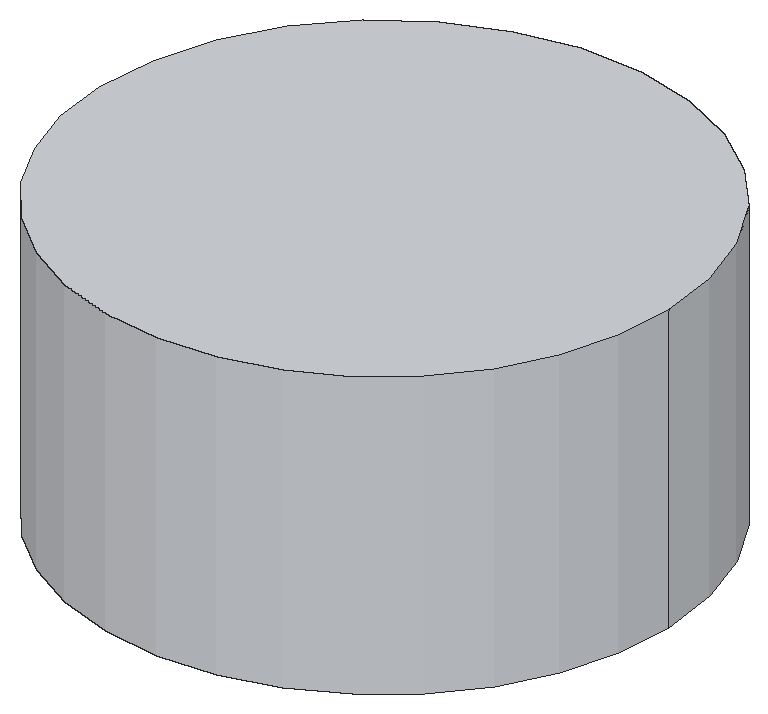
Revit family "07862010", category Specialty Equipment, Revit 2020
Family settings
  Round Connector Dimension = Use Diameter
  Part Type = Normal
  OmniClass Number = 23.40.40.14
  OmniClass Title = Food Service Equipment
  Work Plane-Based = No
  Always vertical = Yes
  Cut with Voids When Loaded = No
  Shared = No
  Room Calculation Point = No
Parameters (values of type "Standard")
  URL = "https://www.rustfriebergh.no/produkter/kj-lebr-nner-og-kj-leplater-pa-stativ/"
  Model = "07862010"
  Manufacturer = "Rustfrie Bergh AS"
  Description = "Kjøleplate RBKP-T-2GN"
  Default Elevation = 0 mm
Reference planes
  plane 1 "Center (Front/Back)": y = 0
  plane 2: z = 0
  plane 3 "Center (Left/Right)": x = 0
Forms (mm)
  Extrusion 1, solid
    sketch origin (180.627, -118.939, 405.462) x (0, 1, 0) y (1, 0, 0)
      loop
        circle (0, 0) r 3.048
    from 0 to -3.048
Dimensions and locks
  aligned and locked: level to plane 2
Connectors
  electrical at (180.627, -118.939, 405.462)
    settings: on Extrusion 1, index 1, voltage 230 V, apparent load 270 VA, apparent load phase1 0 VA, apparent load phase2 0 VA, apparent load phase3 0 VA, power factor 0, load classification "Other", number of poles 1, system type 30, power factor state 1, is connector primary yes, connector utility no, sub classification motor no, connector description "230V 50Hz 1.17A"
